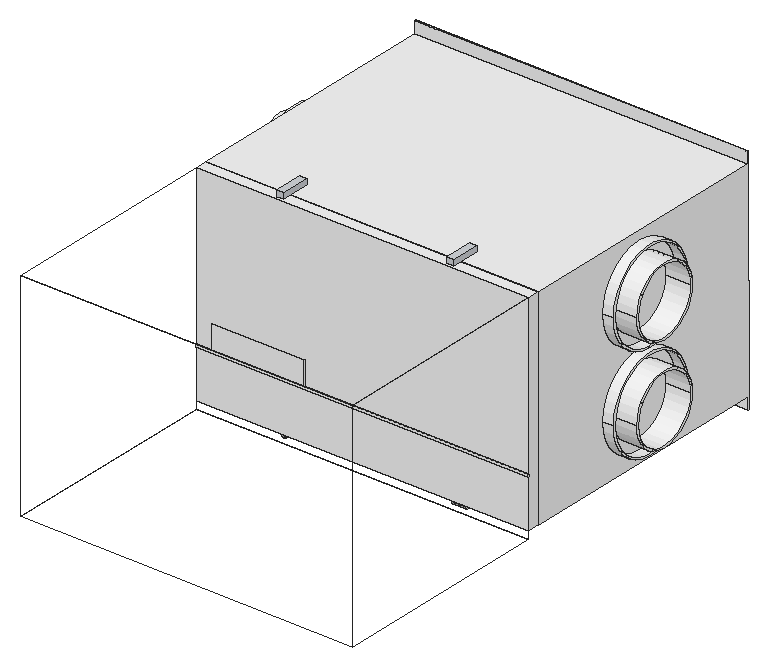
Revit family "EV240", category Mechanical Equipment, Revit 2016
Family settings
  Part Type = Normal
  Round Connector Dimension = Use Diameter
  Work Plane-Based = No
  Always vertical = Yes
  Cut with Voids When Loaded = No
  Shared = No
  Room Calculation Point = No
Parameters
  Watts = "216 @ 236 CFM"
  Voltage = "120"
  Unit Weight = "70 lbs."
  Unit Dimensions = "33-1/2\" L x 24\" W x 20\" H"
  URL = "www.renewaire.com"
  Typical Airflow Range = "100-240 CFM"
  Standard Features = "White painted cabinet, Line-cord power supply, Low-voltage circuit for controls, Unit may be mounted in any orientation, Cross-core differential pressure ports"
  Service Area Visibility = yes
  Service Area = Renewaire - Interference
  Revit Object Download Link = ""
  Phase = "1"
  Motor(s) = "Qty. 1, Double-shaft standard motor"
  Model = "EV240"
  Max. Shipping Weight (in carton) = "112 lbs."
  Max. Shipping Dimensions (in carton) = "34\" L x 44\" W x 34\" H"
  Manufacturer = "Renewaire LLC"
  Hertz = "60"
  Filters = "Total qty. 2, MERV 8, spun-polyester media: 10-1/2\" x 21-3/4\" x 1\""
  FLA per Motor = "3.3"
  Ventilation Type = "Static plate, heat and humidity transfer"
  Description = "Energy Recovery Ventilator"
  Controls = "Onboard 24VAC transformer/relay package with switched dry contacts"
  Cabinet Material [instance] = Renewaire - Painted White
  Accessories = "Backdraft damper 6\", 8\", Wall cap 6\" - white, brown, Wall cap 8\" - taupe vinyl, galvanized, paintable galvanneal, Louver with 8\" round duct connection - 12\" (W) x 8\" (H), Percentage timer control (PTL), Push-button point-of-use controls (PBL), PTL Req'd., Percentage timer control with furnace interlock (FM), Electric duct heater - RH series (1-11.5 kW); designed for indoor ductwork installation only"
Reference planes (in)
  plane 1 "Center (Front/Back)": y = 0
  plane 2: z = 0
  plane 3 "Center (Left/Right)": x = 0
Forms (in)
  Extrusion 1, solid, material "Renewaire - Painted White" <- "Cabinet Material"
    sketch origin (0, 0, 0) x (0, 1, 0) y (0, 0, 1)
      loop
        line (11.82776, 9.0625) -> (-10.82674, 9.0625) -> (-10.82674, -9.06525) -> (11.82776, -9.06525) -> (11.82776, 9.0625)
    from -14.409 to 14.40901
  Extrusion 2, solid, material "Renewaire - Painted White" <- "Cabinet Material"
    sketch origin (0, 0, 0) x (0, 1, 0) y (0, 0, 1)
      loop
        line (-11.89875, 9.0625) -> (-11.89875, -9.06525) -> (-10.87073, -9.06525) -> (-10.87073, 9.0625) -> (-11.89875, 9.0625)
    from -14.409 to 14.40901
  Extrusion 3, solid, material "Renewaire - Painted White" <- "Cabinet Material"
    sketch origin (0, -18.91578, 0.43475) x (0, -1, 0) y (0, 0, -1)
      loop
        line (-7.55507, 9.5) -> (-7.55507, 9.91)
        arc (-7.55507, 9.91) -> (-7.62829, 10.08678) -> (-7.80507, 10.16) r 0.25
        line (-7.80507, 10.16) -> (-8.1494, 10.16)
        arc (-8.1494, 10.16) -> (-8.32618, 10.08678) -> (-8.3994, 9.91) r 0.25
        line (-8.3994, 9.91) -> (-8.3994, 9.64844) -> (-7.99845, 9.64844) -> (-7.99845, 9.5) -> (-7.55507, 9.5)
    from -7.16504 to -7.42123
  Extrusion 4, solid, material "Renewaire - Painted White" <- "Cabinet Material"
    sketch origin (0, -18.91578, 0.43475) x (0, -1, 0) y (0, 0, -1)
      loop
        line (-7.55507, 9.5) -> (-7.55507, 9.91)
        arc (-7.55507, 9.91) -> (-7.62829, 10.08678) -> (-7.80507, 10.16) r 0.25
        line (-7.80507, 10.16) -> (-8.1494, 10.16)
        arc (-8.1494, 10.16) -> (-8.32618, 10.08678) -> (-8.3994, 9.91) r 0.25
        line (-8.3994, 9.91) -> (-8.3994, 9.64844) -> (-7.99845, 9.64844) -> (-7.99845, 9.5) -> (-7.55507, 9.5)
    from 7.32935 to 8.54931
  Extrusion 5, solid, material "Renewaire - Painted White" <- "Cabinet Material"
    sketch origin (0, -2.67485, 0.43475) x (0, 1, 0) y (0, 0, 1)
      loop
        line (-7.55507, -9.5) -> (-7.99845, -9.5) -> (-7.99845, -9.64844) -> (-8.3994, -9.64844) -> (-8.3994, -9.91)
        arc (-8.3994, -9.91) -> (-8.32618, -10.08678) -> (-8.1494, -10.16) r 0.25
        line (-8.1494, -10.16) -> (-7.80507, -10.16)
        arc (-7.80507, -10.16) -> (-7.62829, -10.08678) -> (-7.55507, -9.91) r 0.25
        line (-7.55507, -9.91) -> (-7.55507, -9.5)
    from -8.69119 to -7.47122
  Extrusion 6, solid, material "Renewaire - Painted White" <- "Cabinet Material"
    sketch origin (0, -2.67485, 0.43475) x (0, 1, 0) y (0, 0, 1)
      loop
        line (-7.55507, -9.5) -> (-7.99845, -9.5) -> (-7.99845, -9.64844) -> (-8.3994, -9.64844) -> (-8.3994, -9.91)
        arc (-8.3994, -9.91) -> (-8.32618, -10.08678) -> (-8.1494, -10.16) r 0.25
        line (-8.1494, -10.16) -> (-7.80507, -10.16)
        arc (-7.80507, -10.16) -> (-7.62829, -10.08678) -> (-7.55507, -9.91) r 0.25
        line (-7.55507, -9.91) -> (-7.55507, -9.5)
    from 6.05939 to 7.27935
  Extrusion 7, solid
    sketch origin (0, -19.15925, 0.20672) x (0, -1, 0) y (0, 0, -1)
      loop
        line (-7.55507, -8.85578) -> (-10.07827, -8.85578) -> (-10.07827, -9.33615) -> (-7.55507, -9.33615) -> (-7.55507, -8.85578)
    from -7.67374 to -7.07974
  Extrusion 8, solid
    sketch origin (0, -16.42078, 0.20672) x (0, -1, 0) y (0, 0, -1)
      loop
        line (-4.81661, -8.85578) -> (-7.33981, -8.85578) -> (-7.33981, -9.33615) -> (-4.81661, -9.33615) -> (-4.81661, -8.85578)
    from 7.09252 to 7.67323
  Extrusion 9, solid, material "Renewaire - Painted White" <- "Cabinet Material"
    sketch origin (0, 4.49387, 1.31225) x (0, 1, 0) y (0, 0, 1)
      loop
        circle (-4.4374, -5.366) r 2.875
      loop
        circle (-4.4374, -5.366) r 3
    from -16.63509 to -14.409
  Extrusion 10, solid, material "Renewaire - Painted White" <- "Cabinet Material"
    sketch origin (0, 4.49387, 9.71844) x (0, 1, 0) y (0, 0, 1)
      loop
        circle (-4.4374, -5.366) r 2.875
      loop
        circle (-4.4374, -5.366) r 3
    from -16.63509 to -14.409
  Extrusion 11, solid, material "Renewaire - Painted White" <- "Cabinet Material"
    sketch origin (0, 4.49387, 1.31225) x (0, 1, 0) y (0, 0, 1)
      loop
        circle (-4.4374, -5.366) r 3.875
      loop
        circle (-4.4374, -5.366) r 4
    from -15.4151 to -14.409
  Extrusion 12, solid, material "Renewaire - Painted White" <- "Cabinet Material"
    sketch origin (0, 4.49387, 9.71844) x (0, 1, 0) y (0, 0, 1)
      loop
        circle (-4.4374, -5.366) r 3.875
      loop
        circle (-4.4374, -5.366) r 4
    from -15.4151 to -14.409
  Extrusion 13, solid, material "Renewaire - Painted White" <- "Cabinet Material"
    sketch origin (0, 4.49387, 1.31225) x (0, 1, 0) y (0, 0, -1)
      loop
        circle (-4.4374, 5.366) r 2.875
      loop
        circle (-4.4374, 5.366) r 3
    from -16.63365 to -14.4151
  Extrusion 14, solid, material "Renewaire - Painted White" <- "Cabinet Material"
    sketch origin (2.98009, 4.49387, 9.71844) x (0, 1, 0) y (0, 0, -1)
      loop
        circle (-4.4374, 5.366) r 2.875
      loop
        circle (-4.4374, 5.366) r 3
    from -13.65355 to -11.435
  Extrusion 15, solid, material "Renewaire - Painted White" <- "Cabinet Material"
    sketch origin (0, 4.49387, 1.31225) x (0, 1, 0) y (0, 0, -1)
      loop
        circle (-4.4374, 5.366) r 3.875
      loop
        circle (-4.4374, 5.366) r 4
    from -15.41365 to -14.4151
  Extrusion 16, solid, material "Renewaire - Painted White" <- "Cabinet Material"
    sketch origin (2.98009, 4.49387, 9.71844) x (0, 1, 0) y (0, 0, -1)
      loop
        circle (-4.4374, 5.366) r 3.875
      loop
        circle (-4.4374, 5.366) r 4
    from -12.43355 to -11.435
  Extrusion 17, solid, material "Renewaire - Painted White" <- "Cabinet Material"
    sketch origin (0, 0, 0) x (1, 0, 0) y (0, 0, 1)
      loop
        line (-5.035, -2.588) -> (-13.035, -2.588) -> (-13.035, -4.588) -> (-5.035, -4.588) -> (-5.035, -2.588)
    from 11.89875 to 11.93812
  Extrusion 18, solid, material "Renewaire - Painted White" <- "Cabinet Material"
    sketch origin (0, 0, 0) x (1, 0, 0) y (0, 0, 1)
      loop
        line (-14.41, -4.838) -> (14.41, -4.838) -> (14.41, -4.588) -> (-14.41, -4.588) -> (-14.41, -4.838)
    from 11.89875 to 11.93812
  Extrusion 19, solid, material "Renewaire - Painted White" <- "Cabinet Material"
    sketch origin (0, 0, 0) x (1, 0, 0) y (0, 0, 1)
      loop
        line (-14.409, 10.0625) -> (-14.409, -10.06525) -> (14.40901, -10.06525) -> (14.40901, 10.0625) -> (-14.409, 10.0625)
    from -11.93536 to -11.82783
  Extrusion 20, solid, material "Renewaire - Interference" <- "Service Area", visible <- "Service Area Visibility"
    sketch origin (0, 0, 0) x (1, 0, 0) y (0, 0, 1)
      loop
        line (-14.409, 9.0625) -> (-14.409, -9.72525) -> (14.40901, -9.72525) -> (14.40901, 9.0625) -> (-14.409, 9.0625)
    from 11.89875 to 31
Cuts and joins
  joined: Extrusion 1, Extrusion 19
Dimensions and locks (in)
  aligned and locked: plane 2 to level
Connectors (in)
  hvac at (16.63365, 0.05647, 4.35244)
    settings: on Extrusion 14, index 1, duct flow 0 CFM, flow factor 0, pres drop 0.00 in-wg, loss coef 0, conn angle 0.00°, conn width 12", conn height 12", conn diameter 6", duct sys type 3, conn prof type 0, flow config 0, flow direction 2, loss method 0, conn ref index -1, conn util no, is conn primary yes, conn desc "Exhaust Air (EA)"
  hvac at (16.63365, 0.05647, -4.05375)
    settings: on Extrusion 13, index 2, duct flow 0 CFM, flow factor 0, pres drop 0.00 in-wg, loss coef 0, conn angle 0.00°, conn width 12", conn height 12", conn diameter 6", duct sys type 1, conn prof type 0, flow config 0, flow direction 1, loss method 0, conn ref index -1, conn util no, is conn primary no, conn desc "Fresh Air (FA)"
  hvac at (-16.63509, 0.05647, -4.05375)
    settings: on Extrusion 9, index 3, duct flow 0 CFM, flow factor 0, pres drop 0.00 in-wg, loss coef 0, conn angle 0.00°, conn width 12", conn height 12", conn diameter 6", duct sys type 2, conn prof type 0, flow config 0, flow direction 1, loss method 0, conn ref index -1, conn util no, is conn primary no, conn desc "Return Air (RA)"
  hvac at (-16.63509, 0.05647, 4.35244)
    settings: on Extrusion 10, index 4, duct flow 0 CFM, flow factor 0, pres drop 0.00 in-wg, loss coef 0, conn angle 0.00°, conn width 12", conn height 12", conn diameter 6", duct sys type 4, conn prof type 0, flow config 0, flow direction 1, loss method 0, conn ref index -1, conn util no, is conn primary no, conn desc "Outside Air (OA)"
